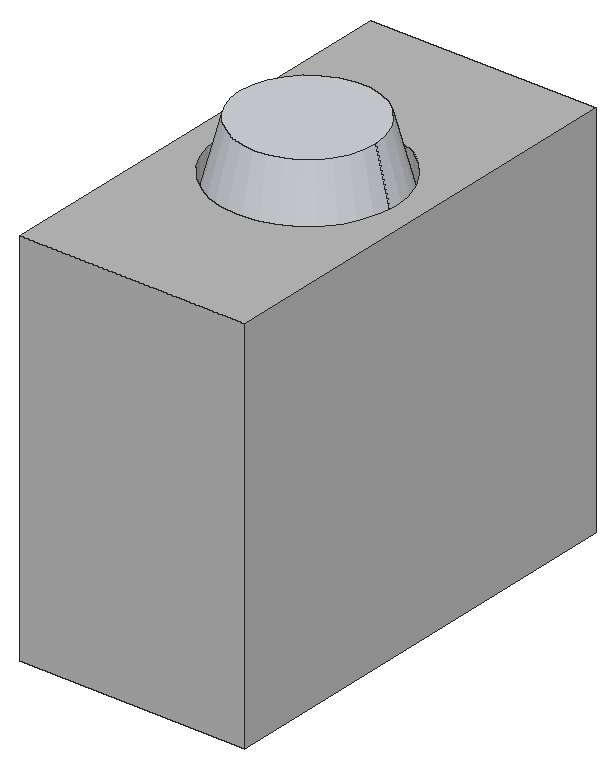
Revit family "Domotics-DomesticRanges-GEWISS-CHORUS_COMMAND-DIMMER_ROTATING", category Apparecchi elettrici, host Superficie, Revit 2016
Family settings
  Host = Superficie
  Mantenere orientamento annotazione = Sì
  Tipo di parte = Normale
  Quota connettore circolare = Usa diametro
  Taglio con vuoti quando caricato = Sì
  Condiviso = Sì
  Punto di calcolo locali = Sì
Parameters (values of type "GW14567 - Electronic regulator rotating with 2-way switch 1M 100-500W Titanium")
  Volt = 230 V
  Vista in pianta [instance] = yes
  Version file RFA = "19.0"
  URL = "https://www.gewiss.com/ww/en"
  Tipo simbolo = PULSANTI : DIMMMANOP
  Tipo = CHORUS DIMMER ROTATIVO_GENERALE : GW14567 Regolatore elettronico rotativo deviatore 1M 100-500W titanio
  Technical sheet = "https://www.gewiss.com/ww/en/search?q=GW14567"
  Supply voltage = "230 V ac - 50/60 Hz"
  Simbolo [instance] = yes
  SEO = "Dimmer"
  Resistive load 230V ac = "100 - 500 W"
  Resistive load = "100 - 500 W"
  Realized by GEWISS S.p.A. = ""
  Default Elevation = 1219.2 mm
  Produttore = "GEWISS S.p.A."
  Offset presa [instance] = 0 mm
  Offset bidimensionale [instance] = 41 mm
  No. Chorus modules: = "1"
  No. Chorus modules = "1"
  N. poli = 1
  Modello = "GW14567"
  Load type = "Resistive/Inductive"
  Inductive load 230V ac = "100 - 500 VA"
  Inductive load = "100 - 500 VA"
  Immagine tipo = GW14561.jpg
  IFC.TypeObject = ""
  IFC.ExportType = ""
  IFC.ExportAs = ""
  IDT = "557559c5-ec2b-4e0f-8006-e2e8f87050b4"
  IDF = "e04840bd-86cc-4d9d-9857-066b079db0ba"
  Electrocod = "0130"
  EAN code = "8011564267985"
  Distanza_x [instance] = 0 mm
  Distanza_effettiva_y [instance] = 100 mm
  Distanza_effettiva_x [instance] = 1000 mm - Distanza_x  # 1000 mm
  Distanza orizzontale del simbolo [instance] = 101.351 mm
  Distanza dal muro [instance] = 4.208 mm
  Descrizione = "ROT ELEC REG 2-WAY SWITCH, 1M 100-500W T"
  Description. = "Rotary dimmer"
  Control = "Rotary"
  Command = "Rotary"
  Colour = "Titanium"
  Catalogue Range = "CHORUS - DOMESTIC RANGE"
  Catalogue = "DOMOTICS"
  Carico apparente = 0 VA
  COBie.Tagnumber = ""
  COBie.CreatedOn = ""
  COBie.CreatebBy = ""
  COBie.ComponentRegisterItemID = ""
  COBie.Component.TagNumber = ""
  COBie.Component.Space = ""
  COBie.Component.SerialNumber = ""
  COBie.Component.InstallationDate = ""
  COBie.Component.Description = ""
  COBie.Component.BarCode = ""
Types (12, lengths in mm): name | Tipo simbolo | Tipo | Technical sheet | Supply voltage | SEO | Resistive load 230V ac | Resistive load | No. Chorus modules | Modello | Load type | Inductive load 230V ac | Inductive load | Immagine tipo | IDT | Electrocod | EAN code | Descrizione | Description. | Control | Command | Colour
  GW10561 - Electronic regulator rotating 1M 100-500W White | PULSANTI : DIMMMANOP | CHORUS DIMMER ROTATIVO_GENERALE : GW10561 Regolatore elettronico rotativo 1M 100-500W bianco | "https://www.gewiss.com/ww/en/search?q=GW10561" | "230 V ac - 50/60 Hz" | "Dimmer" | "100 - 500 W" | "100 - 500 W" | "1" | "GW10561" | "Resistive" | "" | "" | GW14561.jpg | "8419ac9c-4a25-42fa-ab21-5a9258b2f27e" | "0781" | "8011564263055" | "ROTATING ELEC REGULATOR 1M 100-500W W" | "Rotary dimmer" | "Rotary" | "Rotary" | "White"
  GW10564 - Electronic regulator rotating 1M 100-900W White | PULSANTI : DIMMMANOPDEV | CHORUS DIMMER ROTATIVO_GENERALE : GW10564 Regolatore elettronico rotativo 1M 100-900W bianco | "https://www.gewiss.com/ww/en/search?q=GW10564" | "230 V ac - 50/60 Hz" | "Dimmer" | "100 - 900 W" | "100 - 900 W" | "1" | "GW10564" | "Resistive/Inductive" | "40 - 300 VA" | "40 - 300 VA" | GW10561.jpg | "994a6423-9a92-4859-899b-080149ab4f28" | "0781" | "8011564263062" | "ROTATING ELEC REGULATOR 1M 100-900W W" | "Rotary dimmer" | "Rotary" | "Rotary" | "White"
  GW10567 - Electronic regulator rotating with 2-way switch 1M 100-500W White | PULSANTI : DIMMMANOP | CHORUS DIMMER ROTATIVO_GENERALE : GW10567 Regolatore elettronico rotativo deviatore 1M 100-500W bianco | "https://www.gewiss.com/ww/en/search?q=GW10567" | "230 V ac - 50/60 Hz" | "Dimmer" | "100 - 500 W" | "100 - 500 W" | "1" | "GW10567" | "Resistive/Inductive" | "100 - 500 VA" | "100 - 500 VA" | GW10561.jpg | "f895e20d-5e91-421c-9ea4-fd4337ce9afb" | "0781" | "8011564261099" | "ROT ELEC REG 2-WAY SWITCH 1M 100-500W W" | "Rotary dimmer" | "Rotary" | "Rotary" | "White"
  GW12561 - Electronic regulator rotating 1M 100-500W Black | PULSANTI : DIMMMANOP | CHORUS DIMMER ROTATIVO_GENERALE : GW12561 Regolatore elettronico rotativo 1M 100-500W nero | "https://www.gewiss.com/ww/en/search?q=GW12561" | "230 V ac - 50/60 Hz" | "Dimmer" | "100 - 500 W" | "100 - 500 W" | "1" | "GW12561" | "Resistive" | "" | "" | GW12561.jpg | "e18d2ec0-9672-4b3c-a01f-0fe44782b361" | "0141" | "8011564268265" | "ROTATING ELEC REGULATOR 1M 100-500W B" | "Rotary dimmer" | "Rotary" | "Rotary" | "Black"
  GW12564 - Electronic regulator rotating 1M 100-900W Black | PULSANTI : DIMMMANOPDEV | CHORUS DIMMER ROTATIVO_GENERALE : GW12564 Regolatore elettronico rotativo 1M 100-900W nero | "https://www.gewiss.com/ww/en/search?q=GW12564" | "230 V ac - 50/60 Hz" | "Dimmer" | "100 - 900 W" | "100 - 900 W" | "1" | "GW12564" | "Resistive/Inductive" | "40 - 300 VA" | "40 - 300 VA" | GW12561.jpg | "b833b567-bd6e-4930-ab08-9caebf8f5adf" | "0141" | "8011564268272" | "ROTATING ELEC REGULATOR 1M 100-900W B" | "Rotary dimmer" | "Rotary" | "Rotary" | "Black"
  GW12567 - Electronic regulator rotating with 2-way switch 1M 100-500W Black | PULSANTI : DIMMMANOP | CHORUS DIMMER ROTATIVO_GENERALE : GW12567 Regolatore elettronico rotativo deviatore 1M 100-500W nero | "https://www.gewiss.com/ww/en/search?q=GW12567" | "230 V ac - 50/60 Hz" | "Dimmer" | "100 - 500 W" | "100 - 500 W" | "1" | "GW12567" | "Resistive/Inductive" | "100 - 500 VA" | "100 - 500 VA" | GW12561.jpg | "489788ce-427f-43d6-b4bc-ed1743fcfbbf" | "0130" | "8011564268296" | "ROT ELEC REG 2-WAY SWITCH 1M 100-500W B" | "Rotary dimmer" | "Rotary" | "Rotary" | "Black"
  GW14561 - Electronic regulator rotating 1M 100-500W Titanium | PULSANTI : DIMMMANOP | CHORUS DIMMER ROTATIVO_GENERALE : GW14561 Regolatore elettronico rotativo 1M 100-500W titanio | "https://www.gewiss.com/ww/en/search?q=GW14561" | "230 V ac - 50/60 Hz" | "Dimmer" | "100 - 500 W" | "100 - 500 W" | "1" | "GW14561" | "Resistive" | "" | "" | GW14561.jpg | "d036f1ab-bb61-4470-ac5e-66c6ac4d41af" | "0141" | "8011564267961" | "ROTATING ELEC REGULATOR, 1M 100-500W T" | "Rotary dimmer" | "Rotary" | "Rotary" | "Titanium"
  GW14564 - Electronic regulator rotating 1M 100-900W Titanium | PULSANTI : DIMMMANOPDEV | CHORUS DIMMER ROTATIVO_GENERALE : GW14564 Regolatore elettronico rotativo 1M 100-900W titanio | "https://www.gewiss.com/ww/en/search?q=GW14564" | "230 V ac - 50/60 Hz" | "Dimmer" | "100 - 900 W" | "100 - 900 W" | "1" | "GW14564" | "Resistive/Inductive" | "40 - 300 VA" | "40 - 300 VA" | GW14561.jpg | "093851cf-8ef6-43e0-ac13-af63d43deb83" | "0141" | "8011564267978" | "ROTATING ELEC REGULATOR, 1M 100-900W T" | "Rotary dimmer" | "Rotary" | "Rotary" | "Titanium"
  GW14567 - Electronic regulator rotating with 2-way switch 1M 100-500W Titanium | PULSANTI : DIMMMANOP | CHORUS DIMMER ROTATIVO_GENERALE : GW14567 Regolatore elettronico rotativo deviatore 1M 100-500W titanio | "https://www.gewiss.com/ww/en/search?q=GW14567" | "230 V ac - 50/60 Hz" | "Dimmer" | "100 - 500 W" | "100 - 500 W" | "1" | "GW14567" | "Resistive/Inductive" | "100 - 500 VA" | "100 - 500 VA" | GW14561.jpg | "557559c5-ec2b-4e0f-8006-e2e8f87050b4" | "0130" | "8011564267985" | "ROT ELEC REG 2-WAY SWITCH, 1M 100-500W T" | "Rotary dimmer" | "Rotary" | "Rotary" | "Titanium"
  GW10566 - ELEC. UNIVERSAL REGULATOR 1M WHITE | PULSANTI : DIMMMANOP | CHORUS DIMMER ROTATIVO_GENERALE : GW10561 Regolatore elettronico rotativo 1M 100-500W bianco | "https://www.gewiss.com/ww/en/search?q=GW10566" | "230V ac - 50Hz" | "Dimmer" | "" | "" | "" | "GW10566" | "" | "" | "" | GW14561.jpg | "ec9902d0-6854-4a6f-baa6-408a1bb388fd" | "0781                " | "8011564895126" | "ELEC. UNIVERSAL REGULATOR 1M WHITE" | "" | "" | "" | ""
  GW12566 - ELEC. UNIVERSAL REGULATOR 1M BLACK | PULSANTI : DIMMMANOP | CHORUS DIMMER ROTATIVO_GENERALE : GW12561 Regolatore elettronico rotativo 1M 100-500W nero | "https://www.gewiss.com/ww/en/search?q=GW12566" | "230V ac - 50Hz" | "Dimmer" | "" | "" | "" | "GW12566" | "" | "" | "" | GW12561.jpg | "a0470bf5-bd86-4c5e-a3ce-72ff63f9d7a3" | "0141                " | "8011564895140" | "ELEC. UNIVERSAL REGULATOR 1M BLACK" | "" | "" | "" | ""
  GW14566 - ELEC. UNIVERSAL REGULATOR 1M TITANIUM | PULSANTI : DIMMMANOP | CHORUS DIMMER ROTATIVO_GENERALE : GW14561 Regolatore elettronico rotativo 1M 100-500W titanio | "https://www.gewiss.com/ww/en/search?q=GW14566" | "230V ac - 50Hz" | "Relay" | "" | "" | "" | "GW14566" | "" | "" | "" | GW14561.jpg | "8f28c3ed-bd19-47ac-9cde-c895c037ff76" | "0141                " | "8011564895157" | "ELEC. UNIVERSAL REGULATOR 1M TITANIUM" | "" | "" | "" | ""
Reference planes
  plane 1 "Centro (Fronte/Retro)": y = 0
  plane 2: z = 0
  plane 3 "Centro (Sinistra/Destra)": x = 0
  plane 4: x = -1000
  plane 5: x = 0
  plane 6: y = 100
  plane 7: z = 0
  plane 8: z = 41
  plane 9: z = 39
Lines and regions (mm)
  Masking region 1, visible <- "Vista in pianta"
    outline origin (0, 0, 0) x (1, 0, 0) y (0, 1, 0)
      loop
        line (-11.5, 22.5) -> (-11.5, -22.5) -> (11.5, -22.5) -> (11.5, 22.5) -> (-11.5, 22.5)
      loop
        line (5.4, -20) -> (8.1, -20) -> (8.1, -8.497) -> (5.4, -8.497) -> (5.4, -20)
      loop
        circle (0, 0) r 9.003
      loop
        circle (0, 0) r 6.918
      loop
        line (11.135, 14.694) -> (3.156, 10.591) -> (11.135, 10.591) -> (11.135, 14.694)
  Masking region 2, visible <- "Vista in pianta"
    outline origin (0, 0, 0) x (1, 0, 0) y (0, 0, 1)
      loop
        line (-11.5, 39) -> (-11.5, 0) -> (11.5, 0) -> (11.5, 39) -> (8.048, 39) -> (6.918, 44) -> (-6.918, 44) -> (-8.048, 39) -> (-11.5, 39)
  Masking region 3, visible <- "Vista in pianta"
    outline origin (0, 0, 0) x (0, 1, 0) y (0, 0, 1)
      loop
        line (-22.5, 39) -> (-22.5, 0) -> (22.5, 0) -> (22.5, 39) -> (8.497, 39) -> (6.918, 44) -> (0, 44) -> (-6.918, 44) -> (-8.497, 39) -> (-22.5, 39)
Dimensions and locks
  plane 4 to plane 3 "Centro (Sinistra/Destra)" = 1000 mm
  "Distanza_effettiva_x": plane 4 to plane 5
  "Distanza_effettiva_y": plane 6 to plane 1 "Centro (Fronte/Retro)"
  "Offset presa": plane 7 to host face
  "Offset bidimensionale": plane 8 to host face
  locked: plane 9 to plane 7 at 39
  aligned and locked: plane 2 to host face
  aligned and locked: level to host face
  aligned and locked: plane 5 to nested 1
  aligned and locked: nested 1 to plane 6
  aligned and locked: plane 3 "Centro (Sinistra/Destra)" to nested 2
  aligned and locked: plane 1 "Centro (Fronte/Retro)" to nested 2
  aligned and locked: nested 2 to plane 7
  aligned and locked: import instance to plane 8
  aligned and locked: nested 2 to plane 9  (x2)
  aligned and locked: Masking region 2 to plane 7
  aligned and locked: plane 7 to nested 2  (x2)
  aligned and locked: Masking region 3 to plane 7
Automatic sketch dimensions
  host sketch curve to host sketch curve = 2438.4 mm  (x2)
  Masking region 1 sketch curve to plane 3 "Centro (Sinistra/Destra)" = 11.5 mm
  Masking region 1 sketch curve to plane 1 "Centro (Fronte/Retro)" = 22.5 mm
  plane 3 "Centro (Sinistra/Destra)" to Masking region 1 sketch curve = 11.5 mm
  plane 1 "Centro (Fronte/Retro)" to Masking region 1 sketch curve = 22.5 mm
  plane 3 "Centro (Sinistra/Destra)" to Masking region 1 sketch curve = 5.4 mm
  plane 1 "Centro (Fronte/Retro)" to Masking region 1 sketch curve = 8.497 mm
  Masking region 1 sketch curve to Masking region 1 sketch curve = 2.7 mm
  Masking region 1 sketch curve to Masking region 1 sketch curve = 2.5 mm
  plane 1 "Centro (Fronte/Retro)" to Masking region 1 sketch curve = 0 mm
  Masking region 1 sketch curve to plane 3 "Centro (Sinistra/Destra)" = 0 mm
  Masking region 1 sketch curve to Masking region 1 sketch curve = 9.003 mm
  Masking region 1 sketch curve to Masking region 1 sketch curve = 0 mm  (x2)
  Masking region 1 sketch curve to Masking region 1 sketch curve = 2.085 mm
  plane 3 "Centro (Sinistra/Destra)" to Masking region 1 sketch curve = 3.156 mm
  Masking region 1 sketch curve to plane 1 "Centro (Fronte/Retro)" = 10.591 mm
  Masking region 1 sketch curve to Masking region 1 sketch curve = 0.365 mm
  Masking region 1 sketch curve to Masking region 1 sketch curve = 4.103 mm
  Masking region 2 sketch curve to plane 7 = 0 mm
  Masking region 2 sketch curve to plane 9 = 0 mm  (x2)
  Masking region 2 sketch curve to plane 3 "Centro (Sinistra/Destra)" = 11.5 mm
  Masking region 2 sketch curve to Masking region 2 sketch curve = 3.452 mm
  Masking region 2 sketch curve to Masking region 2 sketch curve = 1.131 mm  (x2)
  plane 3 "Centro (Sinistra/Destra)" to Masking region 2 sketch curve = 6.918 mm
  plane 3 "Centro (Sinistra/Destra)" to Masking region 2 sketch curve = 11.5 mm
  Masking region 2 sketch curve to plane 9 = 5 mm
  Masking region 3 sketch curve to plane 7 = 0 mm
  plane 9 to Masking region 3 sketch curve = 0 mm  (x2)
  Masking region 3 sketch curve to plane 1 "Centro (Fronte/Retro)" = 0 mm
  plane 1 "Centro (Fronte/Retro)" to Masking region 3 sketch curve = 6.918 mm
  Masking region 3 sketch curve to Masking region 3 sketch curve = 1.579 mm  (x2)
  Masking region 3 sketch curve to Masking region 3 sketch curve = 14.003 mm
  Masking region 3 sketch curve to Masking region 3 sketch curve = 6.918 mm
  Masking region 3 sketch curve to plane 1 "Centro (Fronte/Retro)" = 22.5 mm
  Masking region 3 sketch curve to plane 9 = 5 mm
Nested families
  nested 1: "PULSANTI" at (0, 100, 0), Distanza dal muro <- "Distanza dal muro", SIMBOLO <- "Simbolo", type <- "Tipo simbolo", visible <- "Simbolo", type "DIMMMANOP"
    with TESTO ELETTRICO "", SIMBOLO yes, Distanza dal muro 4.208 mm, BORDO ACCESO yes
  nested 2: "CHORUS DIMMER ROTATIVO_GENERALE" at (0, 0, 0), type <- "Tipo", type "GW14567 Regolatore elettronico rotativo deviatore 1M 100-500W titanio", detail levels medium+fine
Connectors
  electrical at (0, 0, 0), driven by "N. poli", driven by "Volt", driven by "Carico apparente"
    settings: on nested 2, index 1, voltage 230 V, apparent load 0 VA, apparent load phase1 0 VA, apparent load phase2 0 VA, apparent load phase3 0 VA, power factor 1, load classification "Altro", number of poles 1, system type 31, power factor state 1, is connector primary yes, connector utility no, sub classification motor no, connector description ""
Definition of nested family "CHORUS DIMMER ROTATIVO_GENERALE"
  Parameters (values of type "GW14567 Regolatore elettronico rotativo deviatore 1M 100-500W titanio")
    Profondità presa = 39 mm
    Lunghezza = 23 mm  # constant formula
    Larghezza = 45 mm  # constant formula
    Finitura parte centrale = none
    Finitura Dimmer = none
    Altezza da Terra = 750 mm
  Types (9): name
    GW10561 Regolatore elettronico rotativo 1M 100-500W bianco
    GW10564 Regolatore elettronico rotativo 1M 100-900W bianco
    GW10567 Regolatore elettronico rotativo deviatore 1M 100-500W bianco
    GW12561 Regolatore elettronico rotativo 1M 100-500W nero
    GW12564 Regolatore elettronico rotativo 1M 100-900W nero
    GW12567 Regolatore elettronico rotativo deviatore 1M 100-500W nero
    GW14561 Regolatore elettronico rotativo 1M 100-500W titanio
    GW14564 Regolatore elettronico rotativo 1M 100-900W titanio
    GW14567 Regolatore elettronico rotativo deviatore 1M 100-500W titanio
  Reference planes
    plane 1 "Centro (Fronte/Retro)": y = 0
    plane 2: z = 0
    plane 3 "Centro (Sinistra/Destra)": x = 0
    plane 4 "a": z = 39
    plane 5: x = -11.5
    plane 6: x = 11.5
    plane 7: y = 22.5
    plane 8: y = -22.5
    plane 9: z = 36
    plane 10: z = 44
  Forms (mm)
    Extrusion 1, solid, material <- "Finitura Dimmer"
      sketch origin (-37.942, -794.839, 39) x (1, 0, 0) y (0, 1, 0)
        loop
          line (26.442, 817.339) -> (26.442, 772.339) -> (49.442, 772.339) -> (49.442, 817.339) -> (26.442, 817.339)
        loop
          circle (37.942, 794.839) r 9.003
      from 0 to -39
    Extrusion 2, solid
      sketch origin (0, 0, 0) x (1, 0, 0) y (0, 1, 0)
        loop
          circle (0, 0) r 9.003
      from 0 to 36
    Blend 3, solid
      base sketch origin (0, 0, 0) x (1, 0, 0) y (0, 1, 0)
        loop
          circle (0, 0) r 9.003
      top sketch origin (0, 0, 0) x (1, 0, 0) y (0, 1, 0)
        loop
          circle (0, 0) r 6.918
      from 36 to 44
  Cuts and joins
    joined: Extrusion 2, Blend 3
  Lines and regions (mm)
    model lines
      curve 1: line (8.1, -8.497, 39) -> (8.1, -20, 39)
      curve 2: line (8.1, -20, 39) -> (5.4, -20, 39)
      curve 3: line (5.4, -20, 39) -> (5.4, -8.497, 39)
      curve 4: line (5.4, -8.497, 39) -> (8.1, -8.497, 39)
      curve 5: line (3.156, 10.591, 39) -> (11.135, 10.591, 39)
      curve 6: line (11.135, 10.591, 39) -> (11.135, 14.694, 39)
      curve 7: line (11.135, 14.694, 39) -> (3.156, 10.591, 39)
  Dimensions and locks
    "Profondità presa": plane 4 "a" to level
    equal spacing: plane 8, plane 1 "Centro (Fronte/Retro)", plane 7
    equal spacing: plane 5, plane 3 "Centro (Sinistra/Destra)", plane 6
    "Larghezza": plane 8 to plane 7
    "Lunghezza": plane 5 to plane 6
    plane 4 "a" to plane 9 = 3 mm
    plane 4 "a" to plane 10 = 5 mm
    aligned and locked: level to plane 2
    aligned and locked: Extrusion 1 to level
    aligned and locked: Extrusion 1 to plane 7
    aligned and locked: plane 5 to Extrusion 1
    aligned and locked: plane 8 to Extrusion 1
    aligned and locked: Extrusion 1 to plane 6
  Automatic sketch dimensions
    Extrusion 1 sketch curve to plane 3 "Centro (Sinistra/Destra)" = 11.5 mm
    plane 3 "Centro (Sinistra/Destra)" to Extrusion 1 sketch curve = 11.5 mm
    plane 1 "Centro (Fronte/Retro)" to Extrusion 1 sketch curve = 22.5 mm
    Extrusion 1 sketch curve to plane 1 "Centro (Fronte/Retro)" = 22.5 mm
    Extrusion 2 sketch curve to Extrusion 2 sketch curve = 0 mm  (x2)
    plane 1 "Centro (Fronte/Retro)" to Extrusion 2 sketch curve = 0 mm
    Extrusion 2 sketch curve to plane 3 "Centro (Sinistra/Destra)" = 0 mm
    Extrusion 2 sketch curve to plane 5 = 2.497 mm
    Blend 3 sketch curve to Blend 3 sketch curve = 0 mm  (x2)
    plane 1 "Centro (Fronte/Retro)" to Blend 3 sketch curve = 0 mm
    Blend 3 sketch curve to plane 3 "Centro (Sinistra/Destra)" = 0 mm
    Blend 3 sketch curve to plane 5 = 2.497 mm
    plane 7 to curve 7 = 7.806 mm
    plane 6 to curve 7 = 8.344 mm
    curve 6 to curve 6 = 4.103 mm
    plane 1 "Centro (Fronte/Retro)" to curve 4 = 8.497 mm
    curve 2 to plane 8 = 2.5 mm
    plane 6 to curve 2 = 6.1 mm
    curve 2 to curve 1 = 2.7 mm
    curve 5 to curve 6 = 7.979 mm
Definition of nested family "PULSANTI"
  Parameters (values of type "DIMMMANOPDEV")
    TESTO ELETTRICO [instance] = ""
    Simbolo = PULSANTI_BASE : DIMMMANOPDEV
    SIMBOLO [instance] = yes
    Distanza dal muro [instance] = 4.208 mm
    BORDO ACCESO [instance] = yes
  Types (2, lengths in mm): name | Simbolo
    DIMMMANOPDEV | PULSANTI_BASE : DIMMMANOPDEV
    DIMMMANOP | PULSANTI_BASE : DIMMMANOP
  Reference planes
    plane 1: y = 0
    plane 2: x = 0
  Lines and regions (mm)
    detail lines, visible <- "BORDO ACCESO", not visible
      curve 1: line (-2.25, 0.412, 0) -> (2.25, 0.412, 0)
      curve 2: line (2.25, 0.412, 0) -> (2.25, -5.588, 0)
      curve 3: line (2.25, -5.588, 0) -> (-2.25, -5.588, 0)
      curve 4: line (-2.25, -5.588, 0) -> (-2.25, 0.412, 0)
      curve 30: line (-1.85, 0.012, 0) -> (1.85, 0.012, 0)
      curve 31: line (1.85, 0.012, 0) -> (1.85, -5.188, 0)
      curve 32: line (1.85, -5.188, 0) -> (-1.85, -5.188, 0)
      curve 33: line (-1.85, -5.188, 0) -> (-1.85, 0.012, 0)
      curve 34: line (-2.25, 6, 0) -> (2.25, 6, 0)
      curve 35: line (2.25, 6, 0) -> (2.25, 0, 0)
      curve 36: line (2.25, 0, 0) -> (-2.25, 0, 0)
      curve 37: line (-2.25, 0, 0) -> (-2.25, 6, 0)
      curve 61: line (-1.85, 5.6, 0) -> (1.85, 5.6, 0)
      curve 62: line (1.85, 5.6, 0) -> (1.85, 0.4, 0)
      curve 63: line (1.85, 0.4, 0) -> (-1.85, 0.4, 0)
      curve 64: line (-1.85, 0.4, 0) -> (-1.85, 5.6, 0)
      curve 65: line (-2.443, 10.208, 0) -> (2.057, 10.208, 0)
      curve 66: line (2.057, 10.208, 0) -> (2.057, 4.208, 0)
      curve 67: line (2.057, 4.208, 0) -> (-2.443, 4.208, 0)
      curve 68: line (-2.443, 4.208, 0) -> (-2.443, 10.208, 0)
      curve 69: line (-2.043, 9.808, 0) -> (1.657, 9.808, 0)
      curve 70: line (1.657, 9.808, 0) -> (1.657, 4.608, 0)
      curve 71: line (1.657, 4.608, 0) -> (-2.043, 4.608, 0)
      curve 72: line (-2.043, 4.608, 0) -> (-2.043, 9.808, 0)
    detail lines, not visible
      curve 5: line (-9.473, -5.588, 0) -> (10.527, -5.588, 0)
      curve 6: circle (-0.56, -0.487, 0) r 0.969 normal (0, 0, 1)
      curve 7: line (-0.005, 0.306, 0) -> (0.852, 1.529, 0)
      curve 8: line (0.852, 1.529, 0) -> (1.529, 1.047, 0)
      curve 9: circle (-0.56, -315.487, 0) r 0.969 normal (0, 0, 1)
      curve 10: line (-0.005, -314.694, 0) -> (0.852, -313.471, 0)
      curve 11: line (0.852, -313.471, 0) -> (1.529, -313.953, 0)
      curve 12: line (-1.245, -314.803, 0) -> (0.124, -316.172, 0)
      curve 13: line (0.124, -314.803, 0) -> (-1.245, -316.172, 0)
      curve 14: circle (-0.56, -480.487, 0) r 0.969 normal (0, 0, 1)
      curve 15: line (-0.005, -479.694, 0) -> (0.852, -478.471, 0)
      curve 16: line (0.852, -478.471, 0) -> (1.529, -478.953, 0)
      curve 17: line (0.493, -478.983, 0) -> (1.167, -479.462, 0)
      curve 18: circle (-0.56, -880.487, 0) r 0.969 normal (0, 0, 1)
      curve 19: line (-0.005, -879.694, 0) -> (0.852, -878.471, 0)
      curve 20: line (0.852, -878.471, 0) -> (1.529, -878.953, 0)
      curve 21: line (-1.245, -879.803, 0) -> (0.124, -881.172, 0)
      curve 22: line (0.124, -879.803, 0) -> (-1.245, -881.172, 0)
      curve 23: line (0.493, -878.983, 0) -> (1.167, -879.462, 0)
      curve 24: circle (-0.56, -365.487, 0) r 0.969 normal (0, 0, 1)
      curve 25: line (-0.005, -364.694, 0) -> (0.852, -363.471, 0)
      curve 26: line (0.852, -363.471, 0) -> (1.529, -363.953, 0)
      curve 27: line (-0.56, -364.925, 0) -> (-0.56, -366.05, 0)
      curve 28: line (0.493, -363.983, 0) -> (1.167, -364.462, 0)
      curve 29: line (0, 3.621, 0) -> (0, -16.379, 0)
      curve 38: circle (-0.56, 2.417, 0) r 0.969 normal (0, 0, 1)
      curve 39: line (-0.005, 3.21, 0) -> (0.852, 4.433, 0)
      curve 40: line (0.852, 4.433, 0) -> (1.529, 3.951, 0)
      curve 41: circle (-0.56, 2.417, 0) r 0.969 normal (0, 0, 1)
      curve 42: line (-0.005, 3.21, 0) -> (0.852, 4.433, 0)
      curve 43: line (0.852, 4.433, 0) -> (1.529, 3.951, 0)
      curve 44: line (-1.245, 3.102, 0) -> (0.124, 1.732, 0)
      curve 45: line (0.124, 3.102, 0) -> (-1.245, 1.732, 0)
      curve 46: circle (-0.56, 2.417, 0) r 0.969 normal (0, 0, 1)
      curve 47: line (-0.005, 3.21, 0) -> (0.852, 4.433, 0)
      curve 48: line (0.852, 4.433, 0) -> (1.529, 3.951, 0)
      curve 49: circle (-0.56, 2.417, 0) r 0.969 normal (0, 0, 1)
      curve 50: line (-0.005, 3.21, 0) -> (0.852, 4.433, 0)
      curve 51: line (0.852, 4.433, 0) -> (1.529, 3.951, 0)
      curve 52: line (-1.245, 3.102, 0) -> (0.124, 1.732, 0)
      curve 53: line (0.124, 3.102, 0) -> (-1.245, 1.732, 0)
      curve 54: line (0.493, 3.921, 0) -> (1.167, 3.442, 0)
      curve 55: line (0.493, 3.921, 0) -> (1.167, 3.442, 0)
      curve 56: circle (-0.56, 2.417, 0) r 0.969 normal (0, 0, 1)
      curve 57: line (-0.005, 3.21, 0) -> (0.852, 4.433, 0)
      curve 58: line (0.852, 4.433, 0) -> (1.529, 3.951, 0)
      curve 59: line (-0.56, 2.979, 0) -> (-0.56, 1.854, 0)
      curve 60: line (0.493, 3.921, 0) -> (1.167, 3.442, 0)
      curve 73: line (-1.644, 2.848, 0) -> (1.644, 2.848, 0)
      curve 74: line (-1.644, 0.61, 0) -> (-1.644, 2.848, 0)
      curve 75: line (1.644, 0.61, 0) -> (-1.644, 0.61, 0)
      curve 76: line (1.644, 2.848, 0) -> (1.644, 0.61, 0)
      curve 77: line (-1.325, 0.987, 0) -> (1.325, 0.987, 0)
      curve 78: circle (0, 1.912, 0) r 0.5 normal (0, 0, 1)
      curve 79: circle (0, 1.912, 0) r 0.8 normal (0, 0, 1)
      curve 80: line (-1.325, 0.987, 0) -> (1.325, 0.987, 0)
      curve 81: line (-0.354, 2.265, 0) -> (0.354, 1.558, 0)
      curve 82: line (0.354, 2.265, 0) -> (-0.354, 1.558, 0)
  Dimensions and locks
    aligned and locked: curve 5 to curve 3
    aligned and locked: plane 2 to nested 1
    aligned and locked: plane 1 to nested 1
  Nested families
    nested 1: "PULSANTI_BASE" at (0, 0, 0), BORDO ACCESO <- "BORDO ACCESO", type <- "Simbolo", TESTO ELETTRICO <- "TESTO ELETTRICO", visible <- "SIMBOLO", type "DIMMMANOPDEV"
      with TESTO ELETTRICO "", BORDO ACCESO yes
  Definition of nested family "PULSANTI_BASE"
    Parameters (values of type "DIMMMANOPDEV")
      TEXT = no
      TESTO ELETTRICO [instance] = ""
      TARGA = no
      PULSANTECHIAVE = no
      PULSTIRANTE = no
      PULSANTE = no
      LUM = no
      DOPPIO = no
      DIMMPULSINT = no
      DIMMPULS = no
      DIMMMANOPDEV = yes
      BORDO ACCESO [instance] = yes
    Types (11, lengths in mm): name | TEXT | TARGA | PULSANTECHIAVE | PULSTIRANTE | PULSANTE | LUM | DOPPIO | DIMMPULSINT | DIMMPULS | DIMMMANOPDEV
      PULSANTE | no | no | no | no | yes | no | no | no | no | no
      PULSTIRANTE | no | no | no | yes | yes | no | no | no | no | no
      PULSCHIAVE | no | no | yes | no | yes | no | no | no | no | no
      TARGA | no | yes | no | no | no | no | no | no | no | no
      RRNC | yes | no | no | no | yes | no | no | no | no | no
      MARNO | yes | no | no | no | yes | no | no | no | no | no
      LUM | no | no | no | no | no | yes | no | no | no | no
      DOPPIO | no | no | no | no | no | no | yes | no | no | no
      DIMMPULS | no | no | no | no | no | no | no | yes | yes | no
      DIMMMANOP | no | no | no | no | no | no | no | no | yes | no
      DIMMMANOPDEV | no | no | no | no | no | no | no | no | no | yes
    Reference planes
      plane 1: y = 0
      plane 2: x = 0
    Lines and regions (mm)
      detail lines, visible <- "PULSANTE"
        curve 1: circle (0, 1.258, 0) r 0.527 normal (0, 0, 1)
        curve 11: circle (0, 1.258, 0) r 0.394 normal (0, 0, 1)
      detail lines, visible <- "BORDO ACCESO", not visible
        curve 2: line (-1.943, 9.208, 0) -> (1.857, 9.208, 0)
        curve 3: line (1.857, 9.208, 0) -> (1.857, 4.208, 0)
        curve 4: line (1.857, 4.208, 0) -> (-1.943, 4.208, 0)
        curve 5: line (-1.943, 4.208, 0) -> (-1.943, 9.208, 0)
        curve 6: line (-1.743, 9.008, 0) -> (1.657, 9.008, 0)
        curve 7: line (1.657, 9.008, 0) -> (1.657, 4.408, 0)
        curve 8: line (1.657, 4.408, 0) -> (-1.743, 4.408, 0)
        curve 9: line (-1.743, 4.408, 0) -> (-1.743, 9.008, 0)
      detail lines, visible <- "PULSANTECHIAVE"
        curve 10: line (0, 1.49, 0) -> (0, 0.929, 0)
      detail lines, visible <- "PULSTIRANTE"
        curve 12: line (0, 0.732, 0) -> (0, 0.441, 0)
        curve 13: line (-0.162, 0.441, 0) -> (0.162, 0.441, 0)
        curve 14: line (-0.162, 0.441, 0) -> (0, 0.16, 0)
        curve 15: line (0, 0.16, 0) -> (0.162, 0.441, 0)
      detail lines, visible <- "TARGA"
        curve 16: line (-0.866, 1.843, 0) -> (0.866, 1.843, 0)
        curve 17: line (-0.866, 0.665, 0) -> (-0.866, 1.843, 0)
        curve 18: line (0.866, 0.665, 0) -> (-0.866, 0.665, 0)
        curve 19: line (0.866, 1.843, 0) -> (0.866, 0.665, 0)
        curve 20: line (-0.698, 0.863, 0) -> (-0.469, 0.863, 0)
        curve 21: circle (0, 1.35, 0) r 0.263 normal (0, 0, 1)
        curve 22: circle (0, 1.35, 0) r 0.421 normal (0, 0, 1)
        curve 23: line (-0.698, 0.863, 0) -> (-0.469, 0.863, 0)
        curve 24: line (-0.186, 1.536, 0) -> (0.186, 1.164, 0)
        curve 25: line (0.186, 1.536, 0) -> (-0.186, 1.164, 0)
      detail lines, visible <- "TARGA", not visible
        curve 26: line (-1.644, 2.848, 0) -> (1.644, 2.848, 0)
        curve 27: line (-1.644, 0.61, 0) -> (-1.644, 2.848, 0)
        curve 28: line (1.644, 0.61, 0) -> (-1.644, 0.61, 0)
        curve 29: line (1.644, 2.848, 0) -> (1.644, 0.61, 0)
        curve 30: line (-1.325, 0.987, 0) -> (1.325, 0.987, 0)
        curve 31: circle (0, 1.912, 0) r 0.5 normal (0, 0, 1)
        curve 32: circle (0, 1.912, 0) r 0.8 normal (0, 0, 1)
        curve 33: line (-1.325, 0.987, 0) -> (1.325, 0.987, 0)
        curve 34: line (-0.354, 2.265, 0) -> (0.354, 1.558, 0)
        curve 35: line (0.354, 2.265, 0) -> (-0.354, 1.558, 0)
        curve 59: line (-0.866, 3.093, 0) -> (0.866, 3.093, 0)
        curve 60: line (-0.866, 1.915, 0) -> (-0.866, 3.093, 0)
        curve 61: line (0.866, 1.915, 0) -> (-0.866, 1.915, 0)
        curve 62: line (0.866, 3.093, 0) -> (0.866, 1.915, 0)
        curve 63: line (-0.698, 2.113, 0) -> (0.698, 2.113, 0)
        curve 64: circle (0, 2.6, 0) r 0.263 normal (0, 0, 1)
        curve 65: circle (0, 2.6, 0) r 0.421 normal (0, 0, 1)
        curve 66: line (-0.698, 2.113, 0) -> (0.698, 2.113, 0)
        curve 67: line (-0.186, 2.786, 0) -> (0.186, 2.414, 0)
        curve 68: line (0.186, 2.786, 0) -> (-0.186, 2.414, 0)
      detail lines, visible <- "LUM"
        curve 36: circle (0, 1.258, 0) r 0.527 normal (0, 0, 1)
        curve 37: circle (0, 1.258, 0) r 0.394 normal (0, 0, 1)
        curve 38: line (0.279, 0.979, 0) -> (-0.279, 1.537, 0)
        curve 39: line (-0.279, 0.979, 0) -> (0.279, 1.537, 0)
      detail lines, visible <- "LUM", not visible
        curve 40: circle (0, -4.588, 0) r 1 normal (0, 0, 1)
        curve 41: circle (0, -4.588, 0) r 0.749 normal (0, 0, 1)
        curve 42: line (0.53, -5.117, 0) -> (-0.53, -4.058, 0)
        curve 43: line (-0.53, -5.117, 0) -> (0.53, -4.058, 0)
        curve 69: circle (0, 2.508, 0) r 0.527 normal (0, 0, 1)
        curve 70: circle (0, 2.508, 0) r 0.394 normal (0, 0, 1)
        curve 71: line (0.279, 2.229, 0) -> (-0.279, 2.787, 0)
        curve 72: line (-0.279, 2.229, 0) -> (0.279, 2.787, 0)
      detail lines, visible <- "DOPPIO"
        curve 44: circle (0, 1.785, 0) r 0.527 normal (0, 0, 1)
        curve 45: circle (0, 1.785, 0) r 0.394 normal (0, 0, 1)
        curve 46: circle (0, 0.732, 0) r 0.527 normal (0, 0, 1)
        curve 47: circle (0, 0.732, 0) r 0.394 normal (0, 0, 1)
      detail lines, visible <- "DOPPIO", not visible
        curve 48: circle (0, -6.992, 0) r 1 normal (0, 0, 1)
        curve 49: circle (0, -6.992, 0) r 0.749 normal (0, 0, 1)
        curve 50: circle (0, -8.992, 0) r 1 normal (0, 0, 1)
        curve 51: circle (0, -8.992, 0) r 0.749 normal (0, 0, 1)
        curve 73: circle (0, 3.035, 0) r 0.527 normal (0, 0, 1)
        curve 74: circle (0, 3.035, 0) r 0.394 normal (0, 0, 1)
        curve 75: circle (0, 1.982, 0) r 0.527 normal (0, 0, 1)
        curve 76: circle (0, 1.982, 0) r 0.394 normal (0, 0, 1)
      detail lines, visible <- "PULSANTE", not visible
        curve 52: circle (0, 2.508, 0) r 0.527 normal (0, 0, 1)
        curve 54: circle (0, 2.508, 0) r 0.394 normal (0, 0, 1)
      detail lines, visible <- "PULSANTECHIAVE", not visible
        curve 53: line (0, 2.809, 0) -> (0, 2.179, 0)
      detail lines, visible <- "PULSTIRANTE", not visible
        curve 55: line (0, 1.982, 0) -> (0, 1.691, 0)
        curve 56: line (-0.162, 1.691, 0) -> (0.162, 1.691, 0)
        curve 57: line (-0.162, 1.691, 0) -> (0, 1.41, 0)
        curve 58: line (0, 1.41, 0) -> (0.162, 1.691, 0)
      detail lines, visible <- "DIMMPULS"
        curve 77: circle (-0.18, 0.945, 0) r 0.4 normal (0, 0, 1)
        curve 79: line (-0.118, 1.411, 0) -> (0.479, 1.411, 0)
        curve 80: line (0.479, 1.411, 0) -> (0.479, 1.676, 0)
        curve 81: line (0.479, 1.676, 0) -> (-0.118, 1.411, 0)
        curve 82: line (0.095, 1.236, 0) -> (0.521, 1.843, 0)
      detail lines, visible <- "DIMMPULSINT"
        curve 78: circle (-0.18, 0.945, 0) r 0.3 normal (0, 0, 1)
      detail lines, visible <- "DIMMMANOPDEV"
        curve 83: circle (0.027, 1.185, 0) r 0.289 normal (0, 0, 1)
        curve 84: line (0.071, 1.522, 0) -> (0.502, 1.522, 0)
        curve 85: line (0.502, 1.522, 0) -> (0.502, 1.712, 0)
        curve 86: line (0.502, 1.712, 0) -> (0.071, 1.522, 0)
        curve 87: line (0.225, 1.395, 0) -> (0.519, 1.814, 0)
        curve 88: line (0.519, 1.814, 0) -> (0.814, 1.607, 0)
        curve 89: line (-0.088, 0.921, 0) -> (-0.357, 0.485, 0)
        curve 90: line (-0.357, 0.485, 0) -> (-0.664, 0.675, 0)
    Text (mm)
      label "TXT" at (0.016, 1.223, 0), shows "TESTO ELETTRICO", visible <- "TEXT"
      label "TXT" at (0.016, 2.473, 0), shows "TESTO ELETTRICO", visible <- "TEXT", not visible
